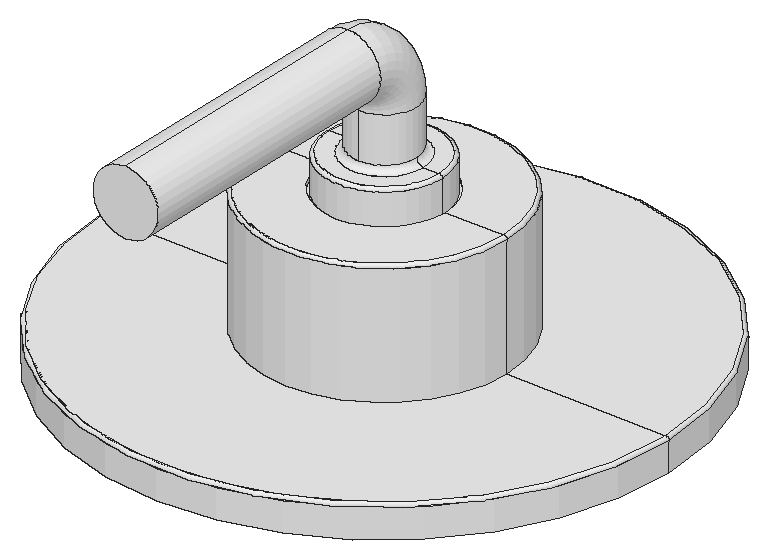
Revit family "Trim-Handle-Waterworks-Flyte-Pressure_Balance", category Plumbing Fixtures, host Face, Revit 2014
Parameters (values of type "NOT A TYPE - Load Type Catalog")
  ‌Installation Requirements or Notes = if(Constraint = 1, "Requires valve rough GUPB81, item 26-19129-09166 sold separately", "Requires valve rough GUPB87, item 26-50948-33633 sold separately")  # "Requires valve rough GUPB81, item 26-19129-09166 sold separately"
  Waste Connection = 1 = 0  # no
  Warranty = "http://www.waterworks.com/warranty"
  Version = "2014 - v1.0a"  # constant formula
  Vent Connection = 1 = 0  # no
  Support Phone = "(224) 699-9545"  # constant formula
  Support Email = "mailto:support@anguleris.com"
  Model SKU = if(and(Constraint = 1, ControlM = 1), "05-88303-38547", if(and(Constraint = 1, ControlM = 2), "05-58041-68076", if(and(Constraint = 1, ControlM = 3), "05-46030-50091", if(and(Constraint = 1, ControlM = 4), "05-36695-83990", if(and(Constraint = 2, ControlM = 5), "05-91621-16917", if(and(Constraint = 2, ControlM = 6), "05-58660-46819", if(and(Constraint = 2, ControlM = 7), "05-07676-17315", if(and(Constraint = 2, ControlM = 8), "05-46703-52856", "Not Available"))))))))  # "05-88303-38547"
  Manufacturer Email = "mailto:acallanan@waterworks.com"
  Without Diverter = if(Constraint = 1, 1 = 1, 1 = 0)  # yes
  Length = 0' - 5 1/2"  # constant formula
  Keynote = "22 40 00"
  Hot Limit Safety Stop = 1 = 0  # no
  Height = 0' - 5 7/8"  # constant formula
  HW Connection = 1 = 1  # yes
  WFU = 0
  URL = "http://www.waterworks.com/"
  Product Page URL = "http://www.waterworks.com/flyte-pressure-balance-control-valve-trim-with-metal-lever-handle-flpb10"
  Product Name = if(and(Constraint = 1, ControlM = 1), "Flyte Pressure Balance Control Valve Trim with Metal Lever Handle in Chrome", if(and(Constraint = 1, ControlM = 2), "Flyte Pressure Balance Control Valve Trim with Metal Lever Handle in Graphite", if(and(Constraint = 1, ControlM = 3), "Flyte Pressure Balance Control Valve Trim with Metal Lever Handle in Nickel", if(and(Constraint = 1, ControlM = 4), "Flyte Pressure Balance Control Valve Trim with Metal Lever Handle in Unlacquered Brass", if(and(Constraint = 2, ControlM = 5), "Flyte Pressure Balance with Diverter Trim with Metal Lever Handle in Chrome", if(and(Constraint = 2, ControlM = 6), "Flyte Pressure Balance with Diverter Trim with Metal Lever Handle in Graphite", if(and(Constraint = 2, ControlM = 7), "Flyte Pressure Balance with Diverter Trim with Metal Lever Handle in Nickel", if(and(Constraint = 2, ControlM = 8), "Flyte Pressure Balance with Diverter Trim with Metal Lever Handle in Unlacquered Brass", "Not Available"))))))))  # "Flyte Pressure Balance Control Valve Trim with Metal Lever Handle in Chrome"
  Product Documentation Link = "http://assets.waterworks.com/wasset/27/original/35827.pdf"
  Model = if(Constraint = 1, "FLPB10", "FLPB30")  # "FLPB10"
  Material = ""
  Manufacturer Phone Number = "(203)546-6201"  # constant formula
  Manufacturer Address = "60 Backus Avenue, Danbury, CT 06810"  # constant formula
  Manufacturer = "Waterworks"  # constant formula
  HWFU = 0
  Fittings Hole Diameter = 0' - 3 1/2"  # constant formula
  Finish = Metal - Waterworks - Chrome
  Diverter Valve Rough-in Depth Minimum = 0' - 3 1/8"  # constant formula
  Diverter Valve Rough-in Depth Maximum = 0' - 3 5/8"  # constant formula
  Description = if(and(Constraint = 1, ControlM = 1), "Flyte Pressure Balance Control Valve Trim with Metal Lever Handle in Chrome", if(and(Constraint = 1, ControlM = 2), "Flyte Pressure Balance Control Valve Trim with Metal Lever Handle in Graphite", if(and(Constraint = 1, ControlM = 3), "Flyte Pressure Balance Control Valve Trim with Metal Lever Handle in Nickel", if(and(Constraint = 1, ControlM = 4), "Flyte Pressure Balance Control Valve Trim with Metal Lever Handle in Unlacquered Brass", if(and(Constraint = 2, ControlM = 5), "Flyte Pressure Balance with Diverter Trim with Metal Lever Handle in Chrome", if(and(Constraint = 2, ControlM = 6), "Flyte Pressure Balance with Diverter Trim with Metal Lever Handle in Graphite", if(and(Constraint = 2, ControlM = 7), "Flyte Pressure Balance with Diverter Trim with Metal Lever Handle in Nickel", if(and(Constraint = 2, ControlM = 8), "Flyte Pressure Balance with Diverter Trim with Metal Lever Handle in Unlacquered Brass", "Not Available"))))))))  # "Flyte Pressure Balance Control Valve Trim with Metal Lever Handle in Chrome"
  Depth = 0' - 3 1/16"  # constant formula
  Default Elevation = 2' - 10"
  With Diverter = not(Without Diverter)  # no
  Copyright = "@2017 Waterworks Operating Company LLC. All rights reserved"  # constant formula
  ControlM = 1
  Control Valve Rough-in Depth Minimum = 0' - 2 3/8"  # constant formula
  Control Valve Rough-in Depth Maximum = 0' - 2 7/8"  # constant formula
  Constraint = 1
  Code Compliance = if(Constraint = 1, "Code # FLPB10: Complies with ASME A112.18.1/CSA B125.1, ANSI A117.1 ADA. Certified with IAPMO, cUPC & State of MA", "Code # FLPB30: Complies with ASME A112.18.1/CSA B125.1, ANSI A117.1 ADA. Certified with IAPMO, cUPC & State of MA")  # "Code # FLPB10: Complies with ASME A112.18.1/CSA B125.1, ANSI A117.1 ADA. Certified with IAPMO, cUPC & State of MA"
  Certification cUPC = 1 = 1  # yes
  Certification State of MA = 1 = 1  # yes
  Certification IAPMO = 1 = 1  # yes
  CWFU = 0
  CW Connection = 1 = 1  # yes
  Assembly Code = "D2010"
  Anti-scald Protection = 1 = 0  # no
  ADA Compliant = 1 = 1  # yes
Reference planes (in)
  plane 1 "Center (Front/Back)": y = 0
  plane 2 "Bottom": z = 0
  plane 3 "Center (Left/Right)": x = 0
  plane 4 "Top": z = 3.0625
  plane 5 "Left": x = -2.75
  plane 6 "Right": x = 2.75
  plane 7 "Back": y = 2.75
  plane 8 "Front": y = -2.75
  plane 9: z = 2.75
  plane 10: z = 1.5
  plane 11: y = -3.125
  plane 12: z = 0.3125
Forms (in)
  Revolve 1, solid, material "Metal - Waterworks - Chrome" <- "Finish"
    sketch origin (0, 0, 0) x (1, 0, 0) y (0, 0, 1)
      loop
        line (-1.1875, 0.3125) -> (-2.71875, 0.3125)
        arc (-2.71875, 0.3125) -> (-2.74085, 0.30335) -> (-2.75, 0.28125) r 0.03125
        line (-2.75, 0.28125) -> (-2.75, 0) -> (0, 0) -> (0, 1.875) -> (-0.3125, 1.875)
        arc (-0.3125, 1.875) -> (-0.33081, 1.83081) -> (-0.375, 1.8125) r 0.0625
        line (-0.375, 1.8125) -> (-0.53125, 1.8125)
        arc (-0.53125, 1.8125) -> (-0.55335, 1.80335) -> (-0.5625, 1.78125) r 0.03125
        line (-0.5625, 1.78125) -> (-0.5625, 1.46875) -> (-0.59375, 1.46875) -> (-0.59375, 1.5) -> (-1.15625, 1.5)
        arc (-1.15625, 1.5) -> (-1.17835, 1.49085) -> (-1.1875, 1.46875) r 0.03125
        line (-1.1875, 1.46875) -> (-1.1875, 0.3125)
      axis (0, 1.875) -> (0, 0)
    angle from 0 to 360
  Sweep 2, solid, material "Metal - Waterworks - Chrome" <- "Finish"
    path origin (0, 0, 0) x (0, 1, 0) y (0, 0, 1)
      loop
        line (0, 1.5) -> (0, 2.3125)
        arc (0, 2.3125) -> (-0.12814, 2.62186) -> (-0.4375, 2.75) r 0.4375
        line (-0.4375, 2.75) -> (-3.125, 2.75)
    profile origin (0, 0, 1.90625) x (0, -1, 0) y (1, 0, 0)
      loop
        circle (0, 0) r 0.3125
  Extrusion 3, solid, material "Metal - Waterworks - Chrome" <- "Finish", visible <- "With Diverter"
    sketch origin (-6, -180.125, 0.3125) x (-1, 0, 0) y (0, -1, 0)
      loop
        arc (-6.0625, -178.47787) -> (-6, -178.90625) -> (-5.9375, -178.47787) r 0.21875
        line (-5.9375, -178.47787) -> (-5.9375, -177.34375) -> (-6.0625, -177.34375) -> (-6.0625, -178.47787)
    from 0 to 0.5
Cuts and joins
  joined: Revolve 1, Sweep 2
Lines and regions (in)
  Masking region 1, detail levels coarse
    outline origin (0, 1.1875, 3.625) x (0, 0, -1) y (-1, 0, 0)
      loop
        line (3.625, -2.75) -> (3.625, 2.75) -> (3.3125, 2.75) -> (3.3125, 1.1875) -> (2.125, 1.1875) -> (2.125, 0.3125) -> (0.875, 0.3125)
        arc (0.875, 0.3125) -> (0.5625, 0) -> (0.875, -0.3125) r 0.3125
        line (0.875, -0.3125) -> (2.125, -0.3125) -> (2.125, -1.1875) -> (3.3125, -1.1875) -> (3.3125, -2.75) -> (3.625, -2.75)
  Masking region 2, detail levels medium+fine
    outline origin (0, 1.1875, 3.625) x (0, 0, -1) y (-1, 0, 0)
      loop
        line (3.625, -2.75) -> (3.625, 2.75) -> (3.34375, 2.75)
        arc (3.34375, 2.75) -> (3.32165, 2.74085) -> (3.3125, 2.71875) r 0.03125
        line (3.3125, 2.71875) -> (3.3125, 1.1875) -> (2.15625, 1.1875)
        arc (2.15625, 1.1875) -> (2.13415, 1.17835) -> (2.125, 1.15625) r 0.03125
        line (2.125, 1.15625) -> (2.125, 0.5625) -> (1.84222, 0.5625)
        arc (1.84222, 0.5625) -> (1.82012, 0.55335) -> (1.81097, 0.53125) r 0.03125
        line (1.81097, 0.53125) -> (1.81097, 0.375)
        arc (1.81097, 0.375) -> (1.79267, 0.33081) -> (1.74847, 0.3125) r 0.0625
        line (1.74847, 0.3125) -> (0.875, 0.3125)
        arc (0.875, 0.3125) -> (0.5625, 0) -> (0.875, -0.3125) r 0.3125
        line (0.875, -0.3125) -> (1.74847, -0.3125)
        arc (1.74847, -0.3125) -> (1.79267, -0.33081) -> (1.81097, -0.375) r 0.0625
        line (1.81097, -0.375) -> (1.81097, -0.53125)
        arc (1.81097, -0.53125) -> (1.82012, -0.55335) -> (1.84222, -0.5625) r 0.03125
        line (1.84222, -0.5625) -> (2.125, -0.5625) -> (2.125, -1.15625)
        arc (2.125, -1.15625) -> (2.13415, -1.17835) -> (2.15625, -1.1875) r 0.03125
        line (2.15625, -1.1875) -> (3.3125, -1.1875) -> (3.3125, -2.71875)
        arc (3.3125, -2.71875) -> (3.32165, -2.74085) -> (3.34375, -2.75) r 0.03125
        line (3.34375, -2.75) -> (3.625, -2.75)
  symbolic lines, detail levels fine
    curve 1: line (1.1875, 1.1875, 0.3125) -> (-1.1875, 1.1875, 0.3125)
    curve 2: line (0.5625, 1.1875, 1.5) -> (-0.5625, 1.1875, 1.5)
    curve 3: line (-0.375, 0, 1.81403) -> (0.375, 0, 1.81403)
Dimensions and locks (in)
  locked: plane 4 "Top" to plane 2 "Bottom" at 3.0625
  equal spacing: plane 5 "Left", plane 3 "Center (Left/Right)", plane 6 "Right", locked at 2.75 each
  equal spacing: plane 8 "Front", plane 1 "Center (Front/Back)", plane 7 "Back", locked at 2.75 each
  locked: plane 4 "Top" to plane 9 at 0.3125
  locked: plane 11 to plane 1 "Center (Front/Back)" at 3.125
  locked: Sweep 2 sketch curve to plane 2 "Bottom" at 2.3125
  locked: plane 12 to plane 2 "Bottom" at 0.3125
  locked: plane 10 to plane 12 at 1.1875
  plane 5 "Left" to plane 6 "Right" = 0' - 5 1/2"
  locked: Revolve 1 sketch curve to plane 5 "Left" at 0.03125
  locked: plane 12 to Revolve 1 sketch curve at 0.03125
  plane 3 "Center (Left/Right)" to Revolve 1 sketch curve to Revolve 1 sketch curve to Revolve 1 sketch curve to Revolve 1 sketch curve to Revolve 1 sketch curve to Revolve 1 sketch curve = 0' - 0 3/8" locked, 0' - 0 5/32" locked, 0' - 0 1/32" locked, 0' - 0 1/32" locked, 0' - 0 9/16" locked, 0' - 0 1/32" locked
  Revolve 1 sketch curve to Revolve 1 sketch curve to Revolve 1 sketch curve to Revolve 1 sketch curve to plane 10 to Revolve 1 sketch curve to Revolve 1 sketch curve = 0' - 0" locked, 0' - 0 1/16" locked, 0' - 0 1/32" locked, 0' - 0 9/32" locked, 0' - 0 1/32" locked, 0' - 0" locked
  Masking region 2 sketch curve to Masking region 2 sketch curve to Masking region 2 sketch curve to Masking region 2 sketch curve to Masking region 2 sketch curve to Masking region 2 sketch curve to plane 3 "Center (Left/Right)" to Masking region 2 sketch curve to Masking region 2 sketch curve to Masking region 2 sketch curve to Masking region 2 sketch curve to Masking region 2 sketch curve to Masking region 2 sketch curve = 0' - 0 1/32" locked, 0' - 0 19/32" locked, 0' - 0 1/32" locked, 0' - 0 5/32" locked, 0' - 0 1/16" locked, 0' - 0 5/16" locked, 0' - 0 5/16" locked, 0' - 0 1/16" locked, 0' - 0 5/32" locked, 0' - 0 1/32" locked, 0' - 0 19/32" locked, 0' - 0 1/32" locked
  locked: plane 6 "Right" to Masking region 2 sketch curve at 0.03125
  locked: Masking region 2 sketch curve to plane 5 "Left" at 0.03125
  Masking region 2 sketch curve to Masking region 2 sketch curve to plane 12 = 0' - 0" locked, 0' - 0 1/32" locked
  Masking region 2 sketch curve to Masking region 2 sketch curve to plane 10 to Masking region 2 sketch curve to Masking region 2 sketch curve to Masking region 2 sketch curve to Masking region 2 sketch curve = 0' - 0" locked, 0' - 0 1/32" locked, 0' - 0.28278" locked, 0' - 0" locked, 0' - 0 3/32" locked, 0' - 0" locked
  Extrusion 3 sketch curve to plane 3 "Center (Left/Right)" to Extrusion 3 sketch curve = 0' - 0 1/16" locked, 0' - 0 1/16" locked
  Extrusion 3 sketch curve to Extrusion 3 sketch curve to Extrusion 3 sketch curve to plane 1 "Center (Front/Back)" = 0' - 1 11/32" locked, 0' - 0 7/32" locked, 0' - 1 7/32" locked
  locked: Sweep 2 sketch curve to plane 1 "Center (Front/Back)" at 0.3125
  locked: plane 3 "Center (Left/Right)" to Sweep 2 sketch curve at 0.3125
  aligned and locked: host face to plane 2 "Bottom"
  aligned and locked: level to host face
  aligned and locked: Revolve 1 sketch curve to plane 3 "Center (Left/Right)"  (x2)
  aligned and locked: plane 1 "Center (Front/Back)" to Sweep 2 sketch curve
  aligned and locked: Sweep 2 sketch curve to plane 9
  aligned and locked: plane 11 to Sweep 2 sketch curve
  aligned and locked: plane 10 to Sweep 2 sketch curve
  aligned and locked: Revolve 1 sketch curve to plane 2 "Bottom"
  aligned and locked: Revolve 1 sketch curve to plane 5 "Left"
  aligned and locked: plane 12 to Revolve 1 sketch curve
  aligned and locked: plane 10 to Revolve 1 sketch curve
  aligned and locked: Extrusion 3 to plane 12
  aligned and locked: plane 6 "Right" to Masking region 1 sketch curve
  aligned and locked: Masking region 1 sketch curve to plane 5 "Left"
  aligned and locked: plane 12 to Masking region 1 sketch curve  (x2)
  aligned and locked: Masking region 1 sketch curve to plane 2 "Bottom"
  aligned and locked: plane 10 to Masking region 1 sketch curve  (x2)
  aligned and locked: plane 3 "Center (Left/Right)" to Masking region 1 sketch curve
  aligned and locked: plane 9 to Masking region 1 sketch curve
  aligned and locked: Masking region 2 sketch curve to plane 2 "Bottom"
  aligned and locked: plane 6 "Right" to Masking region 2 sketch curve
  aligned and locked: Masking region 2 sketch curve to plane 5 "Left"
  aligned and locked: plane 12 to Masking region 2 sketch curve  (x2)
  aligned and locked: plane 10 to Masking region 2 sketch curve  (x2)
  aligned and locked: plane 9 to Masking region 2 sketch curve
  aligned and locked: plane 3 "Center (Left/Right)" to Masking region 2 sketch curve
  aligned and locked: curve 1 to plane 12
  aligned and locked: curve 2 to plane 10
  aligned and locked: plane 3 "Center (Left/Right)" to Extrusion 3 sketch curve
  aligned and locked: Masking region 2 to curve 3
Automatic sketch dimensions
  host sketch curve to host sketch curve = 6' - 0"  (x2)
  Revolve 1 sketch curve to Revolve 1 sketch curve = 0' - 11.67708"
  plane 4 "Top" to Revolve 1 sketch curve = 0' - 9 11/16"
  Extrusion 3 sketch curve to Extrusion 3 sketch curve = 0' - 0"
  plane 3 "Center (Left/Right)" to curve 1 = 0' - 1 3/16"
  plane 3 "Center (Left/Right)" to curve 2 = 0' - 0 9/16"
  curve 2 to plane 3 "Center (Left/Right)" = 0' - 0 9/16"
  curve 1 to plane 3 "Center (Left/Right)" = 0' - 1 3/16"
  Sweep 2 sketch curve to profile plane = 0' - 0"
  plane 3 "Center (Left/Right)" to Masking region 1 sketch curve = 0' - 1 3/16"
  Masking region 1 sketch curve to Masking region 1 sketch curve = 0' - 0 7/8"
  plane 3 "Center (Left/Right)" to Masking region 1 sketch curve = 0' - 0 5/16"
  curve 3 to plane 3 "Center (Left/Right)" = 0' - 0 3/8"
  plane 3 "Center (Left/Right)" to curve 3 = 0' - 0 3/8"
Types in the file's own list only (8): name | ‌Installation Requirements or Notes | Model SKU | Without Diverter | Product Page URL | Product Name | Product Documentation Link | Model | Finish | Description | With Diverter | ControlM | Constraint | Code Compliance
  Control Valve Trim, in Chrome | "Requires valve rough GUPB81, item 26-19129-09166 sold separately" | "05-88303-38547" | Yes | "http://www.waterworks.com/flyte-pressure-balance-control-valve-trim-with-metal-lever-handle-flpb10" | "Flyte Pressure Balance Control Valve Trim with Metal Lever Handle in Chrome" | "http://assets.waterworks.com/wasset/27/original/35827.pdf" | "FLPB10" | Metal - Waterworks - Chrome | "Flyte Pressure Balance Control Valve Trim with Metal Lever Handle in Chrome" | No | 1 | 1 | "Code # FLPB10: Complies with ASME A112.18.1/CSA B125.1, ANSI A117.1 ADA. Certified with IAPMO, cUPC & State of MA"
  Control Valve Trim, in Graphite | "Requires valve rough GUPB81, item 26-19129-09166 sold separately" | "05-58041-68076" | Yes | "http://www.waterworks.com/flyte-pressure-balance-control-valve-trim-with-metal-lever-handle-flpb10" | "Flyte Pressure Balance Control Valve Trim with Metal Lever Handle in Graphite" | "http://assets.waterworks.com/wasset/27/original/35827.pdf" | "FLPB10" | Metal - Waterworks - Graphite | "Flyte Pressure Balance Control Valve Trim with Metal Lever Handle in Graphite" | No | 2 | 1 | "Code # FLPB10: Complies with ASME A112.18.1/CSA B125.1, ANSI A117.1 ADA. Certified with IAPMO, cUPC & State of MA"
  Control Valve Trim, in Nickel | "Requires valve rough GUPB81, item 26-19129-09166 sold separately" | "05-46030-50091" | Yes | "http://www.waterworks.com/flyte-pressure-balance-control-valve-trim-with-metal-lever-handle-flpb10" | "Flyte Pressure Balance Control Valve Trim with Metal Lever Handle in Nickel" | "http://assets.waterworks.com/wasset/27/original/35827.pdf" | "FLPB10" | Metal - Waterworks - Nickel | "Flyte Pressure Balance Control Valve Trim with Metal Lever Handle in Nickel" | No | 3 | 1 | "Code # FLPB10: Complies with ASME A112.18.1/CSA B125.1, ANSI A117.1 ADA. Certified with IAPMO, cUPC & State of MA"
  Control Valve Trim, in Unlacquered Brass | "Requires valve rough GUPB81, item 26-19129-09166 sold separately" | "05-36695-83990" | Yes | "http://www.waterworks.com/flyte-pressure-balance-control-valve-trim-with-metal-lever-handle-flpb10" | "Flyte Pressure Balance Control Valve Trim with Metal Lever Handle in Unlacquered Brass" | "http://assets.waterworks.com/wasset/27/original/35827.pdf" | "FLPB10" | Metal - Waterworks - Unlacquered Brass | "Flyte Pressure Balance Control Valve Trim with Metal Lever Handle in Unlacquered Brass" | No | 4 | 1 | "Code # FLPB10: Complies with ASME A112.18.1/CSA B125.1, ANSI A117.1 ADA. Certified with IAPMO, cUPC & State of MA"
  Diverter Trim, in Chrome | "Requires valve rough GUPB87, item 26-50948-33633 sold separately" | "05-91621-16917" | No | "http://www.waterworks.com/flyte-pressure-balance-with-diverter-trim-with-metal-lever-handle-flpb30" | "Flyte Pressure Balance with Diverter Trim with Metal Lever Handle in Chrome" | "http://assets.waterworks.com/wasset/28/original/35828.pdf" | "FLPB30" | Metal - Waterworks - Chrome | "Flyte Pressure Balance with Diverter Trim with Metal Lever Handle in Chrome" | Yes | 5 | 2 | "Code # FLPB30: Complies with ASME A112.18.1/CSA B125.1, ANSI A117.1 ADA. Certified with IAPMO, cUPC & State of MA"
  Diverter Trim, in Graphite | "Requires valve rough GUPB87, item 26-50948-33633 sold separately" | "05-58660-46819" | No | "http://www.waterworks.com/flyte-pressure-balance-with-diverter-trim-with-metal-lever-handle-flpb30" | "Flyte Pressure Balance with Diverter Trim with Metal Lever Handle in Graphite" | "http://assets.waterworks.com/wasset/28/original/35828.pdf" | "FLPB30" | Metal - Waterworks - Graphite | "Flyte Pressure Balance with Diverter Trim with Metal Lever Handle in Graphite" | Yes | 6 | 2 | "Code # FLPB30: Complies with ASME A112.18.1/CSA B125.1, ANSI A117.1 ADA. Certified with IAPMO, cUPC & State of MA"
  Diverter Trim, in Nickel | "Requires valve rough GUPB87, item 26-50948-33633 sold separately" | "05-07676-17315" | No | "http://www.waterworks.com/flyte-pressure-balance-with-diverter-trim-with-metal-lever-handle-flpb30" | "Flyte Pressure Balance with Diverter Trim with Metal Lever Handle in Nickel" | "http://assets.waterworks.com/wasset/28/original/35828.pdf" | "FLPB30" | Metal - Waterworks - Nickel | "Flyte Pressure Balance with Diverter Trim with Metal Lever Handle in Nickel" | Yes | 7 | 2 | "Code # FLPB30: Complies with ASME A112.18.1/CSA B125.1, ANSI A117.1 ADA. Certified with IAPMO, cUPC & State of MA"
  Diverter Trim, in Unlacquered Brass | "Requires valve rough GUPB87, item 26-50948-33633 sold separately" | "05-46703-52856" | No | "http://www.waterworks.com/flyte-pressure-balance-with-diverter-trim-with-metal-lever-handle-flpb30" | "Flyte Pressure Balance with Diverter Trim with Metal Lever Handle in Unlacquered Brass" | "http://assets.waterworks.com/wasset/28/original/35828.pdf" | "FLPB30" | Metal - Waterworks - Unlacquered Brass | "Flyte Pressure Balance with Diverter Trim with Metal Lever Handle in Unlacquered Brass" | Yes | 8 | 2 | "Code # FLPB30: Complies with ASME A112.18.1/CSA B125.1, ANSI A117.1 ADA. Certified with IAPMO, cUPC & State of MA"
